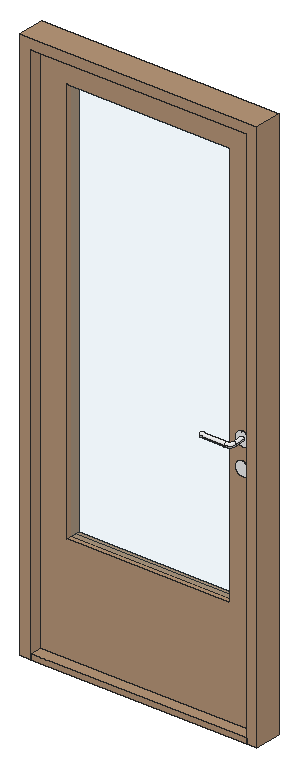
Revit family "EU_OD-Single-Glass", category Doors, host Wall, Revit 2014
Parameters (values of type "9x21")
  Type Name (in Project) = "Sett inn typenr (D1)"
  Treshold = EU_General Wood
  Structural tolerance Top [instance] = 10 mm
  Structural tolerance Right [instance] = 10 mm
  Structural tolerance Left [instance] = 10 mm
  Structural tolerance Bottom [instance] = 10 mm
  Safety Class = ""
  Rough Width = Width / 100  # 9.1 mm
  Rough Height = Height / 100  # 21.1 mm
  Room Number [instance] = ""
  Position within wall [instance] = 150 mm
  Insulating Property = ""
  Instance Number [instance] = ""
  Height = 2110 mm
  Wall Closure = By host
  Width = 910 mm
  Glass = EU_Glass
  Function = Interior
  Frame Thickness = 40 mm
  Frame Depth = 100 mm
  Frame = EU_General Wood
  Doornob = EU_Steel
  Doorleaf Thickness = 55 mm
  Doorleaf Dim Top = 100 mm
  Doorleaf Dim Right = 100 mm
  Doorleaf Dim Left = 100 mm
  Doorleaf Dim Bottom = 400 mm
  Doorleaf = EU_General Wood
  Door Width [instance] = Width - Structural tolerance Left - Structural tolerance Right  # 890 mm
  Door Height [instance] = Height - Structural tolerance Top - Structural tolerance Bottom  # 2090 mm
  Assembly Code = ""
  Acoustic Raiting = ""
Types (3, lengths in mm): name | Type Name (in Project) | Treshold | Rough Width | Rough Height | Position within wall | Height | Width | Door Width | Door Height
  10x21 | "Type name" | EU_Frame | 10.1 | 21.1 | 120 | 2110 | 1010 | 990 | 2090
  9x21 | "Sett inn typenr (D1)" | EU_General Wood | 9.1 | 21.1 | 150 | 2110 | 910 | 890 | 2090
  9x24 | "YD2" | EU_Frame | 9.2 | 24.2 | 150 | 2420 | 920 | 900 | 2400
Reference planes
  plane 1: y = 30
  plane 2 "Center (Left/Right)": x = 0
  plane 3 "Left": x = -455
  plane 4 "Right": x = 455
  plane 5: z = 2110
  plane 6 "Exterior": y = 105
  plane 7 "Interior": y = -45
  plane 8 "Haadtak H": z = 1000
  plane 9 "Innsetning dør": y = 105
  plane 10 "Haandtak V": x = 355
Forms (mm)
  Sweep 1, solid, material "EU_General Wood" <- "Frame"
    path origin (0, 105, 0) x (1, 0, 0) y (0, 0, 1)
      loop
        line (445, 10) -> (445, 2100) -> (-445, 2100) -> (-445, 10)
    profile origin (445, 105, 1055) x (-1, 0, 0) y (0, -1, 0)
      loop
        line (0, 0) -> (40, 0) -> (40, 100) -> (0, 100) -> (0, 0)
  Extrusion 2, solid, material "EU_General Wood" <- "Treshold"
    sketch origin (455, 0, 10) x (0, -1, 0) y (0, 0, 1)
      loop
        line (-5, 0) -> (-5, 20) -> (-105, 20) -> (-105, 0) -> (-5, 0)
    from 50 to 860
  Extrusion 3, solid, material "EU_General Wood" <- "Doorleaf"
    sketch origin (405, 5, 10) x (0, 0, 1) y (0, 1, 0)
      loop
        line (20, 100) -> (20, 45) -> (2050, 45) -> (2050, 100) -> (20, 100)
    from 0 to 810
  Extrusion 4, solid, material "EU_Steel" <- "Doornob"
    sketch origin (32.2, 105, 2.009) x (1, 0, 0) y (0, 0, 1)
      loop
        circle (322.771, 997.991) r 25
    from 0 to -3
  Extrusion 5, solid, material "EU_Steel" <- "Doornob"
    sketch origin (2.2, 105, -97.991) x (1, 0, 0) y (0, 0, 1)
      loop
        circle (352.771, 997.991) r 25
    from -3 to 0
  Extrusion 6, solid, material "EU_Steel" <- "Doornob"
    sketch origin (32.2, 35, 2.009) x (1, 0, 0) y (0, 0, -1)
      loop
        circle (322.771, -997.991) r 25
    from 15 to 12
  Extrusion 7, solid, material "EU_Steel" <- "Doornob"
    sketch origin (32.2, 35, -97.991) x (1, 0, 0) y (0, 0, -1)
      loop
        circle (322.771, -997.991) r 25
    from 15 to 12
  Sweep 8, solid, material "EU_Steel"
    path origin (0, 0, 1000) x (0, -1, 0) y (1, 0, 0)
      loop
        line (-108, 355) -> (-148, 355)
        arc (-148, 355) -> (-158.607, 350.607) -> (-163, 340) r 15
        line (-163, 340) -> (-163, 245)
    profile origin (355, 128, 1000) x (-1, 0, 0) y (0, 0, 1)
      loop
        circle (0, 0) r 7.5
  Sweep 9, solid, material "EU_Steel"
    path origin (0, 0, 1000) x (0, -1, 0) y (1, 0, 0)
      loop
        line (-47, 355) -> (-7, 355)
        arc (-7, 355) -> (3.607, 350.607) -> (8, 340) r 15
        line (8, 340) -> (8, 245)
    profile origin (355, 27, 1000) x (1, 0, 0) y (0, 0, 1)
      loop
        circle (0, 0) r 7.5
  Extrusion 10, void
    sketch origin (0, 105, 0) x (-1, 0, 0) y (0, 0, 1)
      loop
        line (305, 1960) -> (-305, 1960) -> (-305, 430) -> (305, 430) -> (305, 1960)
    from 0 to -55
  Extrusion 11, solid, material "EU_Glass" <- "Glass"
    sketch origin (0, 105, 0) x (-1, 0, 0) y (0, 0, 1)
      loop
        line (305, 430) -> (305, 1960) -> (-305, 1960) -> (-305, 430) -> (305, 430)
    from -36.667 to -18.333
Cuts and joins
  Extrusion 10 cuts Extrusion 3
Lines and regions (mm)
  Opening 1
    outline origin (-3050, -45, 0) x (1, 0, 0) y (0, 0, 1)
      loop
        line (2595, 0) -> (3505, 0) -> (3505, 2110) -> (2595, 2110) -> (2595, 0)
  symbolic lines, detail levels coarse+medium
    curve 1: line (-455, 106.875, 0) -> (-455, 1015, 0)
  symbolic lines, style "DoorsPanelProjection", detail levels coarse+medium
    curve 2: arc (-455, 1015, 0) -> (188.467, 748.467, 0) -> (455, 105, 0) r 910
  symbolic lines, style "DoorsFrameMullionProjection", detail levels fine
    curve 3: line (-445, 5, 0) -> (-405, 5, 0)
    curve 4: line (-445, 105, 0) -> (-445, 5, 0)
    curve 5: line (-405, 105, 0) -> (-445, 105, 0)
    curve 6: line (-405, 5, 0) -> (-405, 105, 0)
    curve 9: line (405, 5, 0) -> (445, 5, 0)
    curve 10: line (405, 105, 0) -> (405, 5, 0)
    curve 11: line (445, 105, 0) -> (405, 105, 0)
    curve 12: line (445, 5, 0) -> (445, 105, 0)
  symbolic lines, style "Plan Swing", detail levels fine
    curve 7: arc (405, 105, 0) -> (167.756, 677.756, 0) -> (-405, 915, 0) r 810
    curve 8: line (-405, 105, 0) -> (-405, 915, 0)
Text (mm)
  text "Exterior" at (-2295.016, 1099.543, 0), in view "Ref. Level"
  text "Exterior" at (0, 1615.38, 3698.081), in view "Left"
  text "Exterior" at (0, 1036.032, 3874.932), in view "Right"
Dimensions and locks
  equal spacing: plane 3 "Left", plane 2 "Center (Left/Right)", plane 4 "Right"
  "Width": plane 3 "Left" to plane 4 "Right"
  "Height": plane 5 to host wall
  host wall to plane 5 = 2110 mm  (x2)
  locked: plane 6 "Exterior" to host wall at 0
  locked: plane 7 "Interior" to host wall
  "Structural tolerance Left": Sweep 1 sketch curve to plane 4 "Right"
  "Structural tolerance Right": Sweep 1 sketch curve to plane 3 "Left"
  "Structural tolerance Top": Sweep 1 sketch curve to plane 5
  "Structural tolerance Bottom": level to Sweep 1 sketch curve  (x2)
  "Frame Depth": Sweep 1 sketch curve to Sweep 1 sketch curve
  "Frame Thickness": Sweep 1 sketch curve to Sweep 1 sketch curve
  "Structural tolerance Bottom": level to Extrusion 2
  locked: Extrusion 2 to Sweep 1 at 20
  locked: level to Extrusion 4 at 1000
  locked: Extrusion 6 to Extrusion 3 at 3
  locked: Sweep 1 to Extrusion 4 at 3
  locked: Extrusion 7 to Extrusion 3 at 3
  Sweep 1 to Extrusion 5 = 0 mm
  "Position within wall": plane 9 "Innsetning dør" to plane 7 "Interior"
  "Doorleaf Thickness": Extrusion 3 to Extrusion 3
  Sweep 8 sketch curve to plane 9 "Innsetning dør" = 58 mm
  locked: plane 10 "Haandtak V" to plane 4 "Right" at 100
  Extrusion 3 to Sweep 9 sketch curve = 58 mm
  plane 10 "Haandtak V" to Extrusion 5 sketch curve = 25.029 mm
  "Doorleaf Dim Right": Extrusion 10 sketch curve to Sweep 1
  "Doorleaf Dim Left": Extrusion 10 sketch curve to Sweep 1
  "Doorleaf Dim Top": Sweep 1 to Extrusion 10 sketch curve
  "Doorleaf Dim Bottom": Extrusion 10 sketch curve to Extrusion 2
  equal spacing: cut or joined group of Extrusion 3, Extrusion 10, Extrusion 11, Extrusion 11, cut or joined group of Extrusion 3, Extrusion 10
  "Width": radius of curve 2
  radius of Sweep 9 sketch curve = 15 mm
  aligned and locked: plane 3 "Left" to Opening 1 sketch curve
  aligned and locked: plane 5 to Opening 1 sketch curve  (x2)
  aligned and locked: Opening 1 sketch curve to plane 4 "Right"
  aligned and locked: Opening 1 sketch curve to level
  aligned and locked: plane 1 to host wall
  aligned and locked: Extrusion 2 to Sweep 1  (x2)
  aligned and locked: Extrusion 2 to Extrusion 3 sketch curve
  aligned and locked: Extrusion 3 sketch curve to Extrusion 2
  aligned and locked: Extrusion 3 sketch curve to Sweep 1
  aligned and locked: Extrusion 3 to Sweep 1  (x2)
  aligned and locked: Sweep 1 to curve 3
  aligned and locked: curve 3 to Sweep 1
  aligned and locked: curve 6 to Sweep 1
  aligned and locked: Sweep 1 to curve 9  (x2)
  aligned and locked: curve 12 to Sweep 1  (x2)
  aligned and locked: plane 9 "Innsetning dør" to Extrusion 3
  aligned and locked: Sweep 1 to Extrusion 2
  aligned and locked: plane 9 "Innsetning dør" to Sweep 1
  aligned and locked: Extrusion 6 to Extrusion 3
  aligned and locked: Extrusion 7 to Extrusion 3
  aligned and locked: Extrusion 5 to Extrusion 2
  aligned and locked: Extrusion 5 to Extrusion 4
  aligned and locked: Extrusion 4 to Sweep 1
  aligned and locked: Extrusion 6 to Sweep 9 sketch curve
  aligned and locked: cut or joined group of Extrusion 3, Extrusion 10 to Extrusion 10
  aligned and locked: Extrusion 11 sketch curve to cut or joined group of Extrusion 3, Extrusion 10  (x3)
  aligned and locked: cut or joined group of Extrusion 3, Extrusion 10 to Extrusion 11 sketch curve
  aligned and locked: plane 9 "Innsetning dør" to curve 5
  aligned and locked: profile plane to Sweep 1 sketch curve
  aligned and locked: Extrusion 2 to Extrusion 3
Automatic sketch dimensions
  Extrusion 2 sketch curve to plane 9 "Innsetning dør" = 0 mm
  Extrusion 2 sketch curve to host wall = 50 mm
  level to Extrusion 2 sketch curve = 10 mm
  Extrusion 2 sketch curve to Extrusion 2 sketch curve = 20 mm
  Sweep 8 sketch curve to plane 10 "Haandtak V" = 0 mm
  Sweep 8 sketch curve to plane 10 "Haandtak V" = 15 mm
  plane 9 "Innsetning dør" to Sweep 8 sketch curve = 3 mm
  Sweep 8 sketch curve to Sweep 8 sketch curve = 95 mm
  Sweep 8 sketch curve to plane 8 "Haadtak H" = 0 mm
  Sweep 8 sketch curve to profile plane = 0 mm
  Extrusion 5 sketch curve to plane 10 "Haandtak V" = 0.029 mm
  Extrusion 5 sketch curve to plane 8 "Haadtak H" = 100 mm
  Extrusion 4 sketch curve to plane 8 "Haadtak H" = 0 mm
  Extrusion 4 sketch curve to plane 10 "Haandtak V" = 0.029 mm
  Extrusion 6 sketch curve to plane 8 "Haadtak H" = 0 mm
  Extrusion 6 sketch curve to plane 10 "Haandtak V" = 0.029 mm
  Sweep 9 sketch curve to plane 10 "Haandtak V" = 0 mm
  Sweep 9 sketch curve to Sweep 9 sketch curve = 95 mm
  Sweep 9 sketch curve to plane 8 "Haadtak H" = 0 mm
  Sweep 9 sketch curve to profile plane = 0 mm
  Extrusion 7 sketch curve to plane 10 "Haandtak V" = 0.029 mm
  Extrusion 7 sketch curve to plane 8 "Haadtak H" = 100 mm
  curve 1 to plane 3 "Left" = 0 mm
  curve 2 to host wall = 0 mm
  host wall to curve 1 = 1.875 mm
  plane 6 "Exterior" to Sweep 1 sketch curve = 0 mm
  Sweep 1 to Extrusion 3 sketch curve = 45 mm
  radius of Sweep 8 sketch curve = 7.5 mm
  radius of Extrusion 4 sketch curve = 25 mm
  radius of Extrusion 6 sketch curve = 25 mm
  radius of Sweep 9 sketch curve = 7.5 mm
  radius of Extrusion 7 sketch curve = 25 mm
